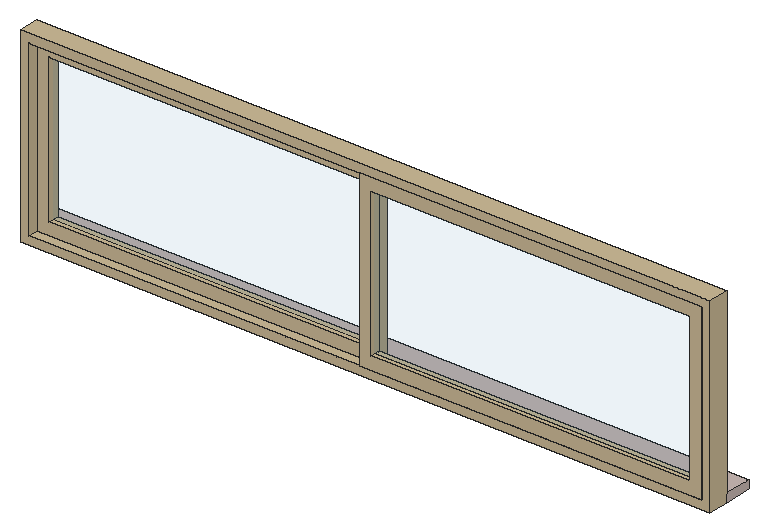
Revit family "2.00x0.55_Window_Kt", category Windows, host Wall, Revit 2021
Family settings
  Host = Wall
  Always vertical = Yes
  Cut with Voids When Loaded = No
  Shared = No
  Room Calculation Point = No
Parameters (values of type "2.00 x 0.55")
  Window Width [instance] = 2000 mm
  Window Height [instance] = 550 mm
  Type Image = Artboard 5.png
  Height = 550 mm
  Define Thermal Properties by = Schematic Type
  Default Sill Height = 800 mm
  Wall Closure = By host
  Width = 2000 mm
  Analytic Construction = "<None>"
Types (6, lengths in mm): name | Type Image | Height | Width
  2.00 x 0.55 | Artboard 5.png | 550 | 2000
  2 x 0.6 | <None> | 600 | 2060
  2 X 2 | <None> | 2060 | 2060
  1 X 2 | <None> | 2060 | 1060
  1.5 X 2 | <None> | 2060 | 1560
  1.5 X 1.5 | <None> | 1560 | 1560
Reference planes
  plane 1: y = 0.5
  plane 2 "Center": x = 0
  plane 3 "Left": x = -1000
  plane 4 "Right": x = 1000
  plane 5 "Sill": z = 800
  plane 6 "Head": z = 1350
  plane 7: y = 10.981
  plane 8: z = 1300
  plane 9: z = 850
  plane 10: x = -950
  plane 11: x = 950
  plane 12: z = 825
  plane 13: z = 1400
Forms (mm)
  Extrusion 1, solid, material "Default Sill", detail levels fine
    sketch origin (0, 0.519, 0) x (0, 0, -1) y (1, 0, 0)
      loop
        line (-825, 1000) -> (-825, -1000) -> (-800, -1000) -> (-800, 1000) -> (-825, 1000)
    from -104.481 to -25.944
  Extrusion 2, solid, material "Default Frame"
    sketch origin (0, 41, 0) x (0, 0, -1) y (1, 0, 0)
      loop
        line (-1350, -1000) -> (-800, -1000) -> (-800, 1000) -> (-1350, 1000) -> (-1350, -1000)
      loop
        line (-1325, -975) -> (-825, -975) -> (-825, 975) -> (-1325, 975) -> (-1325, -975)
    from 14.538 to 74.538
  Extrusion 3, solid, material "Default Frame"
    sketch origin (0, 0, 0) x (0, 0, -1) y (1, 0, 0)
      loop
        line (-825, -975) -> (-825, 15) -> (-1325, 15) -> (-1325, -975) -> (-825, -975)
      loop
        line (-860, -940) -> (-860, -15) -> (-1290, -15) -> (-1290, -940) -> (-860, -940)
    from -26.462 to 3.538
  Extrusion 4, solid, material "Default Frame"
    sketch origin (0, -3.538, 0) x (0, 0, -1) y (1, 0, 0)
      loop
        line (-1325, 975) -> (-1325, -15) -> (-825, -15) -> (-825, 975) -> (-1325, 975)
      loop
        line (-860, 15) -> (-860, 940) -> (-1290, 940) -> (-1290, 15) -> (-860, 15)
    from 0 to 30
  Extrusion 5, solid, material "Glass"
    sketch origin (0, -18.538, 0) x (0, 0, -1) y (1, 0, 0)
      loop
        line (-1290, 940) -> (-1290, 15) -> (-860, 15) -> (-860, 940) -> (-1290, 940)
    from 0 to 1
  Extrusion 6, solid, material "Glass"
    sketch origin (0, 10.981, 0) x (0, 0, -1) y (1, 0, 0)
      loop
        line (-1290, -15) -> (-1290, -940) -> (-860, -940) -> (-860, -15) -> (-1290, -15)
    from 0 to 1
Lines and regions (mm)
  Opening 1
    outline origin (-5000, -75, 0) x (1, 0, 0) y (0, 0, 1)
      loop
        line (6000, 800) -> (6000, 1350) -> (4000, 1350) -> (4000, 800) -> (6000, 800)
  symbolic lines, style "WindowsFrameMullionProjection"
    curve 1: line (0, 26.462, 0) -> (0, -33.538, 0)
  symbolic lines, style "Plan Swing"
    curve 2: line (762.249, 0.5, 0) -> (859.142, 26.462, 0)
    curve 3: line (859.142, 26.462, 0) -> (859.142, -33.538, 0)
    curve 4: line (762.249, 0.5, 0) -> (859.142, -33.538, 0)
Text (mm)
  text "EXTERIOR" at (-3259.869, 1332.353, 0), in view "Ref. Level"
  text "INTERIOR" at (-3259.869, -818.386, 0), in view "Ref. Level"
  text "Exterior" at (0, 923.751, 4164.757), in view "Right"
  text "Exterior" at (0, 2113.942, 4068.519), in view "Left"
Dimensions and locks
  equal spacing: plane 3 "Left", plane 2 "Center", plane 4 "Right"
  "Window Width": plane 3 "Left" to plane 4 "Right"
  "Window Height": plane 5 "Sill" to plane 6 "Head"
  "Default Sill Height": plane 5 "Sill" to level
  locked: plane 3 "Left" to plane 10 at 50
  locked: plane 11 to plane 4 "Right" at 50
  locked: plane 9 to plane 5 "Sill" at 50
  locked: plane 6 "Head" to plane 8 at 50
  locked: plane 5 "Sill" to plane 12 at 25
  locked: Extrusion 1 to host wall at 30
  locked: plane 4 "Right" to Extrusion 2 sketch curve at 25
  locked: plane 3 "Left" to Extrusion 2 sketch curve at 25
  locked: Extrusion 2 sketch curve to plane 5 "Sill" at 25
  locked: Extrusion 2 to plane 7 at 15.481
  locked: Extrusion 2 sketch curve to plane 6 "Head" at 25
  locked: plane 1 to plane 7 at 10.481
  Extrusion 3 sketch curve to plane 2 "Center" to Extrusion 3 sketch curve = 15 mm locked, 15 mm locked
  Extrusion 3 sketch curve to plane 10 to Extrusion 2 = 10 mm locked, 25 mm locked
  locked: plane 9 to Extrusion 3 sketch curve at 10
  locked: Extrusion 3 sketch curve to plane 8 at 10
  locked: Extrusion 2 to Extrusion 2 at 60
  locked: Extrusion 2 to Extrusion 3 at 30
  locked: Extrusion 2 to Extrusion 4 at 30
  Extrusion 3 to Extrusion 6 to Extrusion 6 = 15.481 mm locked, 1 mm locked
  Extrusion 4 to Extrusion 5 to Extrusion 5 = 14 mm locked, 1 mm locked
  locked: curve 4 to plane 4 "Right" at 237.751
  locked: curve 3 to plane 4 "Right" at 140.858
  aligned and locked: Extrusion 1 to Extrusion 2
  aligned and locked: Extrusion 3 to Extrusion 1
  aligned and locked: Extrusion 2 to Extrusion 4
  aligned and locked: Extrusion 4 sketch curve to Extrusion 3
Automatic sketch dimensions
  Extrusion 1 sketch curve to plane 3 "Left" = 0 mm
  Extrusion 1 sketch curve to plane 12 = 0 mm
  Extrusion 1 sketch curve to plane 4 "Right" = 0 mm
  Extrusion 1 sketch curve to plane 5 "Sill" = 0 mm
  Extrusion 2 sketch curve to plane 4 "Right" = 0 mm
  Extrusion 2 sketch curve to plane 6 "Head" = 0 mm
  Extrusion 2 sketch curve to plane 5 "Sill" = 0 mm
  Extrusion 2 sketch curve to plane 3 "Left" = 0 mm
  Opening 1 sketch curve to plane 3 "Left" = 0 mm
  Opening 1 sketch curve to plane 4 "Right" = 0 mm
  Opening 1 sketch curve to plane 5 "Sill" = 0 mm
  Opening 1 sketch curve to plane 6 "Head" = 0 mm
  Extrusion 3 sketch curve to plane 12 = 0 mm
  plane 6 "Head" to Extrusion 3 sketch curve = 25 mm
  Extrusion 3 sketch curve to plane 3 "Left" = 25 mm
  Extrusion 4 sketch curve to plane 12 = 0 mm
  Extrusion 4 sketch curve to plane 9 = 10 mm
  plane 8 to Extrusion 4 sketch curve = 10 mm
  plane 6 "Head" to Extrusion 4 sketch curve = 25 mm
  plane 2 "Center" to Extrusion 4 sketch curve = 15 mm
  plane 11 to Extrusion 4 sketch curve = 10 mm
  plane 4 "Right" to Extrusion 4 sketch curve = 25 mm
  plane 8 to Extrusion 5 sketch curve = 10 mm
  Extrusion 5 sketch curve to plane 9 = 10 mm
  plane 2 "Center" to Extrusion 5 sketch curve = 15 mm
  plane 11 to Extrusion 5 sketch curve = 10 mm
  plane 8 to Extrusion 6 sketch curve = 10 mm
  Extrusion 6 sketch curve to plane 9 = 10 mm
  Extrusion 6 sketch curve to plane 10 = 10 mm
  Extrusion 6 sketch curve to plane 2 "Center" = 15 mm
  curve 1 to plane 2 "Center" = 0 mm
  curve 4 to plane 1 = 0 mm
  host wall to curve 3 = 33.538 mm
  host wall to curve 1 = 33.538 mm
  curve 1 to plane 7 = 15.481 mm
  curve 3 to plane 7 = 15.481 mm
